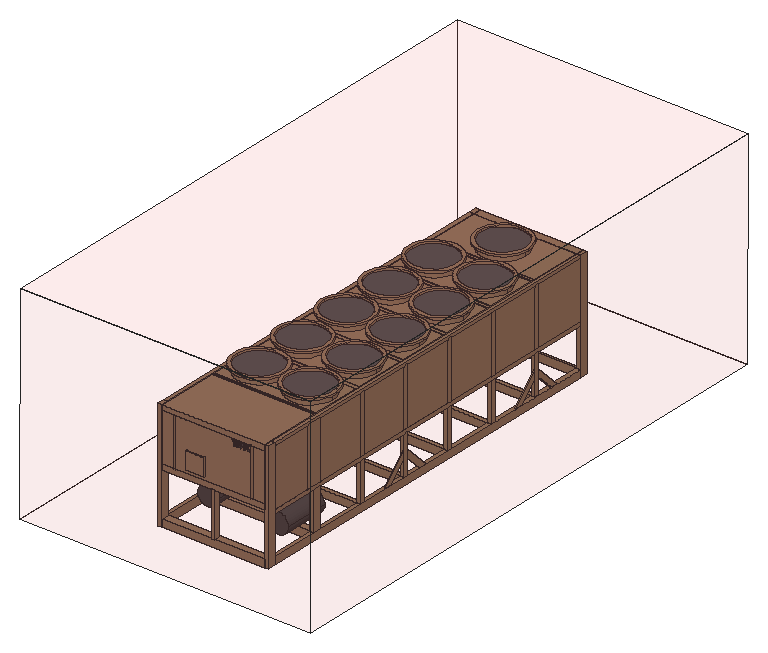
Revit family (continued)
Definition of nested family "Box_Frame-York-YCIV-6_Row"
  Dimensions and locks (in)
    aligned and locked: plane 7 "Box Right" to curve 156
    aligned and locked: Masking region 10 sketch curve to plane 13 "Middle Bar Top"
    aligned and locked: plane 14 "Middle Bar Bottom" to Masking region 10 sketch curve
    aligned and locked: Extrusion 9 sketch curve to plane 13 "Middle Bar Top"
    aligned and locked: plane 14 "Middle Bar Bottom" to Extrusion 9 sketch curve
    aligned and locked: Extrusion 9 sketch curve to plane 8 "Box Top"
    aligned and locked: plane 15 "Top Inset" to Extrusion 9 sketch curve
    aligned and locked: plane 9 "Box Inset Left" to Extrusion 9
    aligned and locked: Extrusion 9 to plane 10 "Box Inset Right"
    aligned and locked: plane 9 "Box Inset Left" to curve 160
    aligned and locked: plane 10 "Box Inset Right" to curve 160
    aligned and locked: curve 160 to plane 4 "Box Back"
    aligned and locked: plane 4 "Box Back" to Extrusion 9 sketch curve  (x2)
    aligned and locked: plane 9 "Box Inset Left" to curve 162
    aligned and locked: plane 10 "Box Inset Right" to curve 162
    aligned and locked: curve 162 to plane 4 "Box Back"
    aligned and locked: plane 9 "Box Inset Left" to curve 164
    aligned and locked: plane 10 "Box Inset Right" to curve 164
    aligned and locked: plane 10 "Box Inset Right" to curve 165
    aligned and locked: curve 164 to plane 4 "Box Back"
    aligned and locked: plane 9 "Box Inset Left" to curve 166
    aligned and locked: plane 10 "Box Inset Right" to curve 166
    aligned and locked: curve 166 to plane 4 "Box Back"
    aligned and locked: Masking region 12 sketch curve to plane 9 "Box Inset Left"
    aligned and locked: plane 10 "Box Inset Right" to Masking region 12 sketch curve
    aligned and locked: Masking region 12 sketch curve to plane 4 "Box Back"
    aligned and locked: plane 9 "Box Inset Left" to Extrusion 10 sketch curve  (x6)
    aligned and locked: plane 22 "Column Five Back" to Extrusion 10 sketch curve  (x2)
    aligned and locked: Extrusion 10 sketch curve to plane 21 "Column Five Front"  (x2)
    aligned and locked: Extrusion 10 sketch curve to plane 6 "Box Left"  (x6)
    aligned and locked: plane 24 "Column Four Back" to Extrusion 10 sketch curve  (x2)
    aligned and locked: Extrusion 10 sketch curve to plane 23 "Column Four Front"  (x2)
    aligned and locked: plane 26 "Column Three Back" to Extrusion 10 sketch curve  (x2)
    aligned and locked: Extrusion 10 sketch curve to plane 25 "Column Three Front"  (x2)
    aligned and locked: plane 27 "Column One Back" to Extrusion 10 sketch curve  (x2)
    aligned and locked: Extrusion 10 sketch curve to plane 10 "Box Inset Right"  (x6)
    aligned and locked: plane 7 "Box Right" to Extrusion 10 sketch curve  (x6)
    aligned and locked: Extrusion 10 to plane 16 "Box Bottom Inset"
    aligned and locked: plane 14 "Middle Bar Bottom" to Extrusion 10
    aligned and locked: curve 168 to plane 14 "Middle Bar Bottom"
    aligned and locked: plane 16 "Box Bottom Inset" to curve 170
    aligned and locked: curve 171 to plane 10 "Box Inset Right"
    aligned and locked: plane 7 "Box Right" to curve 169
    aligned and locked: plane 16 "Box Bottom Inset" to curve 174
    aligned and locked: curve 172 to plane 14 "Middle Bar Bottom"
    aligned and locked: plane 9 "Box Inset Left" to curve 173
    aligned and locked: curve 175 to plane 6 "Box Left"
    aligned and locked: curve 176 to plane 14 "Middle Bar Bottom"
    aligned and locked: plane 16 "Box Bottom Inset" to curve 178
    aligned and locked: curve 179 to plane 10 "Box Inset Right"
    aligned and locked: plane 7 "Box Right" to curve 177
    aligned and locked: curve 180 to plane 14 "Middle Bar Bottom"
    aligned and locked: plane 16 "Box Bottom Inset" to curve 182
    aligned and locked: curve 183 to plane 6 "Box Left"
    aligned and locked: plane 9 "Box Inset Left" to curve 181
    aligned and locked: curve 184 to plane 14 "Middle Bar Bottom"
    aligned and locked: plane 16 "Box Bottom Inset" to curve 186
    aligned and locked: curve 187 to plane 10 "Box Inset Right"
    aligned and locked: plane 7 "Box Right" to curve 185
    aligned and locked: curve 188 to plane 14 "Middle Bar Bottom"
    aligned and locked: plane 16 "Box Bottom Inset" to curve 190
    aligned and locked: curve 191 to plane 6 "Box Left"
    aligned and locked: plane 9 "Box Inset Left" to curve 189
    aligned and locked: curve 200 to plane 14 "Middle Bar Bottom"
    aligned and locked: plane 16 "Box Bottom Inset" to curve 202
    aligned and locked: curve 203 to plane 10 "Box Inset Right"
    aligned and locked: plane 7 "Box Right" to curve 201
    aligned and locked: curve 204 to plane 14 "Middle Bar Bottom"
    aligned and locked: plane 16 "Box Bottom Inset" to curve 206
    aligned and locked: plane 9 "Box Inset Left" to curve 205
    aligned and locked: curve 207 to plane 6 "Box Left"
    aligned and locked: curve 208 to plane 14 "Middle Bar Bottom"
    aligned and locked: plane 16 "Box Bottom Inset" to curve 210
    aligned and locked: curve 211 to plane 10 "Box Inset Right"
    aligned and locked: plane 7 "Box Right" to curve 209
    aligned and locked: curve 212 to plane 14 "Middle Bar Bottom"
    aligned and locked: plane 16 "Box Bottom Inset" to curve 214
    aligned and locked: curve 215 to plane 6 "Box Left"
    aligned and locked: plane 9 "Box Inset Left" to curve 213
    aligned and locked: curve 220 to plane 14 "Middle Bar Bottom"
    aligned and locked: plane 16 "Box Bottom Inset" to curve 222
    aligned and locked: curve 223 to plane 6 "Box Left"
    aligned and locked: plane 9 "Box Inset Left" to curve 221
    aligned and locked: plane 16 "Box Bottom Inset" to curve 218
    aligned and locked: curve 216 to plane 14 "Middle Bar Bottom"
    aligned and locked: curve 219 to plane 10 "Box Inset Right"
    aligned and locked: plane 7 "Box Right" to curve 217
    aligned and locked: curve 224 to plane 14 "Middle Bar Bottom"
    aligned and locked: plane 16 "Box Bottom Inset" to curve 226
    aligned and locked: curve 227 to plane 10 "Box Inset Right"
    aligned and locked: plane 7 "Box Right" to curve 225
    aligned and locked: curve 228 to plane 14 "Middle Bar Bottom"
    aligned and locked: plane 16 "Box Bottom Inset" to curve 230
    aligned and locked: plane 9 "Box Inset Left" to curve 229
    aligned and locked: curve 231 to plane 6 "Box Left"
    aligned and locked: Masking region 13 sketch curve to plane 14 "Middle Bar Bottom"  (x5)
    aligned and locked: plane 16 "Box Bottom Inset" to Masking region 13 sketch curve  (x5)
    aligned and locked: plane 22 "Column Five Back" to Masking region 13 sketch curve
    aligned and locked: Masking region 13 sketch curve to plane 21 "Column Five Front"
    aligned and locked: plane 24 "Column Four Back" to Masking region 13 sketch curve
    aligned and locked: Masking region 13 sketch curve to plane 23 "Column Four Front"
    aligned and locked: plane 26 "Column Three Back" to Masking region 13 sketch curve
    aligned and locked: Masking region 13 sketch curve to plane 25 "Column Three Front"
    aligned and locked: plane 13 "Middle Bar Top" to Extrusion 11 sketch curve  (x2)
    aligned and locked: plane 9 "Box Inset Left" to Extrusion 11 sketch curve
    aligned and locked: Extrusion 11 sketch curve to plane 6 "Box Left"
    aligned and locked: Extrusion 11 sketch curve to plane 15 "Top Inset"  (x2)
    aligned and locked: plane 7 "Box Right" to Extrusion 11 sketch curve
    aligned and locked: Extrusion 11 sketch curve to plane 10 "Box Inset Right"
    aligned and locked: plane 12 "Box Front Inset" to Extrusion 11
    aligned and locked: Masking region 14 sketch curve to plane 12 "Box Front Inset"
    aligned and locked: Masking region 14 sketch curve to plane 15 "Top Inset"
    aligned and locked: plane 13 "Middle Bar Top" to Masking region 14 sketch curve
    aligned and locked: plane 15 "Top Inset" to curve 234
    aligned and locked: plane 13 "Middle Bar Top" to curve 232
    aligned and locked: plane 13 "Middle Bar Top" to curve 234
    aligned and locked: plane 10 "Box Inset Right" to curve 232
    aligned and locked: plane 9 "Box Inset Left" to curve 234
    aligned and locked: Extrusion 12 sketch curve to plane 9 "Box Inset Left"
    aligned and locked: plane 10 "Box Inset Right" to Extrusion 12 sketch curve
    aligned and locked: Extrusion 12 to plane 17 "Column One Middle"
    aligned and locked: plane 9 "Box Inset Left" to curve 236
    aligned and locked: plane 10 "Box Inset Right" to curve 236
    aligned and locked: Extrusion 12 sketch curve to plane 8 "Box Top"
    aligned and locked: plane 17 "Column One Middle" to Masking region 15 sketch curve
    aligned and locked: Masking region 15 sketch curve to plane 9 "Box Inset Left"
    aligned and locked: plane 10 "Box Inset Right" to Masking region 15 sketch curve
    aligned and locked: Masking region 15 sketch curve to plane 36 "Panel Front"
    aligned and locked: plane 25 "Column Three Front" to Extrusion 13 sketch curve  (x2)
    aligned and locked: Extrusion 13 sketch curve to plane 26 "Column Three Back"  (x2)
    aligned and locked: plane 23 "Column Four Front" to Extrusion 13 sketch curve  (x2)
    aligned and locked: Extrusion 13 sketch curve to plane 24 "Column Four Back"  (x2)
    aligned and locked: plane 21 "Column Five Front" to Extrusion 13 sketch curve  (x2)
    aligned and locked: Extrusion 13 sketch curve to plane 22 "Column Five Back"  (x2)
    aligned and locked: Extrusion 13 sketch curve to plane 6 "Box Left"  (x6)
    aligned and locked: plane 9 "Box Inset Left" to Extrusion 13 sketch curve  (x6)
    aligned and locked: Extrusion 13 sketch curve to plane 10 "Box Inset Right"  (x6)
    aligned and locked: plane 7 "Box Right" to Extrusion 13 sketch curve  (x6)
    aligned and locked: plane 15 "Top Inset" to Extrusion 13
    aligned and locked: Extrusion 13 to plane 13 "Middle Bar Top"
    aligned and locked: Masking region 16 sketch curve to plane 15 "Top Inset"
    aligned and locked: plane 13 "Middle Bar Top" to Masking region 16 sketch curve
    aligned and locked: Extrusion 14 sketch curve to plane 6 "Box Left"  (x6)
    aligned and locked: plane 9 "Box Inset Left" to Extrusion 14 sketch curve  (x6)
    aligned and locked: plane 27 "Column One Back" to Extrusion 14 sketch curve  (x2)
    aligned and locked: Extrusion 14 sketch curve to plane 10 "Box Inset Right"  (x6)
    aligned and locked: plane 7 "Box Right" to Extrusion 14 sketch curve  (x6)
    aligned and locked: Extrusion 14 sketch curve to plane 25 "Column Three Front"  (x2)
    aligned and locked: plane 26 "Column Three Back" to Extrusion 14 sketch curve  (x2)
    aligned and locked: plane 24 "Column Four Back" to Extrusion 14 sketch curve  (x2)
    aligned and locked: Extrusion 14 sketch curve to plane 23 "Column Four Front"  (x2)
    aligned and locked: Extrusion 14 sketch curve to plane 21 "Column Five Front"  (x2)
    aligned and locked: plane 22 "Column Five Back" to Extrusion 14 sketch curve  (x2)
    aligned and locked: plane 15 "Top Inset" to Extrusion 14
    aligned and locked: Extrusion 14 to plane 13 "Middle Bar Top"
    aligned and locked: Extrusion 15 sketch curve to plane 8 "Box Top"  (x6)
    aligned and locked: Extrusion 15 sketch curve to plane 22 "Column Five Back"
    aligned and locked: plane 15 "Top Inset" to Extrusion 15 sketch curve  (x6)
    aligned and locked: plane 21 "Column Five Front" to Extrusion 15 sketch curve
    aligned and locked: Extrusion 15 sketch curve to plane 24 "Column Four Back"
    aligned and locked: plane 23 "Column Four Front" to Extrusion 15 sketch curve
    aligned and locked: Extrusion 15 sketch curve to plane 26 "Column Three Back"
    aligned and locked: plane 25 "Column Three Front" to Extrusion 15 sketch curve
    aligned and locked: plane 9 "Box Inset Left" to Extrusion 15
    aligned and locked: Extrusion 15 to plane 10 "Box Inset Right"
    aligned and locked: Extrusion 16 sketch curve to plane 8 "Box Top"  (x6)
    aligned and locked: plane 15 "Top Inset" to Extrusion 16 sketch curve  (x6)
    aligned and locked: plane 27 "Column One Back" to Extrusion 16 sketch curve
    aligned and locked: Extrusion 16 sketch curve to plane 25 "Column Three Front"
    aligned and locked: plane 26 "Column Three Back" to Extrusion 16 sketch curve
    aligned and locked: Extrusion 16 sketch curve to plane 23 "Column Four Front"
    aligned and locked: plane 24 "Column Four Back" to Extrusion 16 sketch curve
    aligned and locked: plane 22 "Column Five Back" to Extrusion 16 sketch curve
    aligned and locked: Extrusion 16 sketch curve to plane 21 "Column Five Front"
    aligned and locked: Extrusion 16 to plane 10 "Box Inset Right"
    aligned and locked: plane 9 "Box Inset Left" to Extrusion 16
    aligned and locked: Extrusion 9 sketch curve to plane 11 "Box Back Inset"  (x2)
    aligned and locked: curve 161 to plane 11 "Box Back Inset"
    aligned and locked: curve 163 to plane 11 "Box Back Inset"
    aligned and locked: curve 165 to plane 11 "Box Back Inset"
    aligned and locked: curve 167 to plane 11 "Box Back Inset"
    aligned and locked: Extrusion 16 sketch curve to plane 17 "Column One Middle"
    aligned and locked: Masking region 17 sketch curve to plane 17 "Column One Middle"
    aligned and locked: Masking region 17 sketch curve to plane 11 "Box Back Inset"
    aligned and locked: plane 10 "Box Inset Right" to Masking region 17 sketch curve
    aligned and locked: Masking region 17 sketch curve to plane 9 "Box Inset Left"
    aligned and locked: Masking region 12 to plane 11 "Box Back Inset"
    aligned and locked: plane 9 "Box Inset Left" to curve 238
    aligned and locked: plane 10 "Box Inset Right" to curve 239
    aligned and locked: plane 10 "Box Inset Right" to curve 238
    aligned and locked: plane 22 "Column Five Back" to curve 238
    aligned and locked: plane 21 "Column Five Front" to curve 239
    aligned and locked: plane 24 "Column Four Back" to curve 240
    aligned and locked: plane 23 "Column Four Front" to curve 241
    aligned and locked: plane 26 "Column Three Back" to curve 242
    aligned and locked: plane 25 "Column Three Front" to curve 243
    aligned and locked: plane 27 "Column One Back" to curve 244
    aligned and locked: Masking region 10 sketch curve to plane 16 "Box Bottom Inset"
    aligned and locked: plane 2 "Box Bottom" to Masking region 10 sketch curve
    aligned and locked: plane 12 "Box Front Inset" to curve 246
    aligned and locked: plane 12 "Box Front Inset" to curve 245
    aligned and locked: plane 11 "Box Back Inset" to curve 246
    aligned and locked: plane 11 "Box Back Inset" to curve 245
    aligned and locked: curve 246 to plane 2 "Box Bottom"
    aligned and locked: curve 245 to plane 16 "Box Bottom Inset"
    aligned and locked: plane 12 "Box Front Inset" to curve 247
    aligned and locked: plane 12 "Box Front Inset" to curve 248
    aligned and locked: plane 11 "Box Back Inset" to curve 248
    aligned and locked: plane 11 "Box Back Inset" to curve 247
    aligned and locked: curve 247 to plane 16 "Box Bottom Inset"
    aligned and locked: curve 248 to plane 2 "Box Bottom"
    aligned and locked: plane 12 "Box Front Inset" to curve 249
    aligned and locked: plane 12 "Box Front Inset" to curve 250
    aligned and locked: plane 11 "Box Back Inset" to curve 250
    aligned and locked: plane 11 "Box Back Inset" to curve 249
    aligned and locked: curve 249 to plane 16 "Box Bottom Inset"
    aligned and locked: curve 250 to plane 2 "Box Bottom"
    aligned and locked: plane 12 "Box Front Inset" to curve 251
    aligned and locked: plane 12 "Box Front Inset" to curve 252
    aligned and locked: plane 11 "Box Back Inset" to curve 252
    aligned and locked: plane 11 "Box Back Inset" to curve 251
    aligned and locked: curve 252 to plane 2 "Box Bottom"
    aligned and locked: curve 251 to plane 16 "Box Bottom Inset"
    aligned and locked: plane 9 "Box Inset Left" to curve 254
    aligned and locked: Masking region 16 sketch curve to plane 11 "Box Back Inset"
    aligned and locked: plane 15 "Top Inset" to curve 261
    aligned and locked: plane 15 "Top Inset" to curve 260
    aligned and locked: plane 15 "Top Inset" to curve 259
    aligned and locked: plane 15 "Top Inset" to curve 258
    aligned and locked: plane 15 "Top Inset" to curve 257
    aligned and locked: plane 15 "Top Inset" to curve 255
    aligned and locked: plane 15 "Top Inset" to curve 256
    aligned and locked: plane 13 "Middle Bar Top" to curve 261
    aligned and locked: plane 13 "Middle Bar Top" to curve 260
    aligned and locked: plane 13 "Middle Bar Top" to curve 259
    aligned and locked: plane 13 "Middle Bar Top" to curve 258
    aligned and locked: plane 13 "Middle Bar Top" to curve 257
    aligned and locked: plane 13 "Middle Bar Top" to curve 255
    aligned and locked: plane 13 "Middle Bar Top" to curve 256
    aligned and locked: plane 25 "Column Three Front" to curve 255
    aligned and locked: plane 26 "Column Three Back" to curve 257
    aligned and locked: plane 23 "Column Four Front" to curve 258
    aligned and locked: plane 24 "Column Four Back" to curve 259
    aligned and locked: plane 21 "Column Five Front" to curve 260
    aligned and locked: plane 22 "Column Five Back" to curve 261
    aligned and locked: Extrusion 17 sketch curve to plane 15 "Top Inset"
    aligned and locked: plane 13 "Middle Bar Top" to Extrusion 17 sketch curve
    aligned and locked: plane 11 "Box Back Inset" to Extrusion 17 sketch curve
    aligned and locked: Extrusion 17 sketch curve to plane 40 "Back Frame Inset"
    aligned and locked: plane 9 "Box Inset Left" to Extrusion 17
    aligned and locked: Extrusion 17 to plane 10 "Box Inset Right"
    aligned and locked: plane 6 "Box Left" to curve 52
    aligned and locked: plane 6 "Box Left" to curve 64
    aligned and locked: plane 2 "Box Bottom" to curve 53
    aligned and locked: plane 2 "Box Bottom" to curve 62
    aligned and locked: plane 2 "Box Bottom" to curve 56
    aligned and locked: plane 2 "Box Bottom" to curve 121
    aligned and locked: plane 2 "Box Bottom" to curve 60
    aligned and locked: plane 10 "Box Inset Right" to curve 119
    aligned and locked: plane 10 "Box Inset Right" to curve 117
    aligned and locked: plane 10 "Box Inset Right" to curve 36
    aligned and locked: plane 10 "Box Inset Right" to curve 40
    aligned and locked: plane 8 "Box Top" to curve 87
    aligned and locked: plane 8 "Box Top" to curve 146
    aligned and locked: plane 8 "Box Top" to curve 72
    aligned and locked: plane 8 "Box Top" to curve 147
    aligned and locked: plane 8 "Box Top" to curve 70
    aligned and locked: plane 8 "Box Top" to curve 78
    aligned and locked: plane 8 "Box Top" to curve 88
    aligned and locked: plane 8 "Box Top" to curve 89
    aligned and locked: plane 8 "Box Top" to curve 90
    aligned and locked: plane 2 "Box Bottom" to curve 78
    aligned and locked: plane 2 "Box Bottom" to curve 94  (x2)
    aligned and locked: plane 2 "Box Bottom" to curve 76
    aligned and locked: plane 2 "Box Bottom" to curve 82
    aligned and locked: plane 2 "Box Bottom" to curve 91
    aligned and locked: plane 2 "Box Bottom" to curve 80
    aligned and locked: plane 2 "Box Bottom" to curve 246
    aligned and locked: plane 2 "Box Bottom" to curve 74
    aligned and locked: plane 2 "Box Bottom" to curve 248
    aligned and locked: plane 2 "Box Bottom" to curve 72
    aligned and locked: plane 2 "Box Bottom" to curve 252
    aligned and locked: plane 11 "Box Back Inset" to curve 124
    aligned and locked: plane 16 "Box Bottom Inset" to curve 247
    aligned and locked: plane 16 "Box Bottom Inset" to curve 245
    aligned and locked: plane 11 "Box Back Inset" to curve 102
    aligned and locked: plane 2 "Box Bottom" to curve 95
    aligned and locked: plane 29 "Front Bar Top" to curve 17
    aligned and locked: curve 21 to plane 29 "Front Bar Top"
    aligned and locked: plane 38 "Control Panel Right" to curve 29
    aligned and locked: plane 39 "Control Panel Left" to curve 15
    aligned and locked: plane 38 "Control Panel Right" to curve 15
    aligned and locked: plane 29 "Front Bar Top" to curve 262
    aligned and locked: curve 262 to plane 39 "Control Panel Left"
    aligned and locked: plane 34 "Access Panel Left" to curve 3
    aligned and locked: plane 34 "Access Panel Left" to curve 2
    aligned and locked: plane 35 "Access Panel Right" to curve 2
    aligned and locked: plane 35 "Access Panel Right" to curve 263
    aligned and locked: plane 34 "Access Panel Left" to curve 263
    aligned and locked: plane 33 "Access Panel Top" to curve 263
    aligned and locked: plane 33 "Access Panel Top" to curve 1
    aligned and locked: plane 32 "Access Panel Bottom" to curve 1
    aligned and locked: curve 264 to Extrusion 1
    aligned and locked: plane 33 "Access Panel Top" to curve 264
    aligned and locked: plane 32 "Access Panel Bottom" to curve 264
    aligned and locked: curve 6 to plane 32 "Access Panel Bottom"
    aligned and locked: curve 6 to plane 33 "Access Panel Top"
    aligned and locked: curve 9 to plane 34 "Access Panel Left"
    aligned and locked: plane 35 "Access Panel Right" to curve 3
    aligned and locked: plane 32 "Access Panel Bottom" to curve 4
    aligned and locked: plane 33 "Access Panel Top" to curve 4
    aligned and locked: plane 2 "Box Bottom" to curve 54
    aligned and locked: plane 9 "Box Inset Left" to curve 34
    aligned and locked: plane 8 "Box Top" to curve 66
    aligned and locked: curve 66 to plane 2 "Box Bottom"
    aligned and locked: curve 52 to plane 2 "Box Bottom"
    aligned and locked: curve 52 to plane 8 "Box Top"
    aligned and locked: plane 6 "Box Left" to curve 53
    aligned and locked: plane 9 "Box Inset Left" to curve 53
    aligned and locked: plane 9 "Box Inset Left" to curve 36
    aligned and locked: plane 9 "Box Inset Left" to curve 38
    aligned and locked: plane 10 "Box Inset Right" to curve 34
    aligned and locked: plane 10 "Box Inset Right" to curve 38
    aligned and locked: plane 12 "Box Front Inset" to curve 97
    aligned and locked: plane 9 "Box Inset Left" to curve 65
    aligned and locked: plane 6 "Box Left" to curve 63
    aligned and locked: plane 9 "Box Inset Left" to curve 63
    aligned and locked: curve 64 to plane 2 "Box Bottom"
    aligned and locked: curve 64 to plane 8 "Box Top"
    aligned and locked: plane 8 "Box Top" to curve 58
    aligned and locked: plane 8 "Box Top" to curve 56
    aligned and locked: plane 8 "Box Top" to curve 60
    aligned and locked: plane 8 "Box Top" to curve 62
    aligned and locked: plane 7 "Box Right" to curve 55
    aligned and locked: plane 7 "Box Right" to curve 59
    aligned and locked: plane 10 "Box Inset Right" to curve 55
    aligned and locked: plane 10 "Box Inset Right" to curve 59
    aligned and locked: plane 2 "Box Bottom" to curve 57
    aligned and locked: plane 7 "Box Right" to curve 57
    aligned and locked: plane 10 "Box Inset Right" to curve 57
    aligned and locked: plane 7 "Box Right" to curve 61
    aligned and locked: plane 10 "Box Inset Right" to curve 61
    aligned and locked: plane 9 "Box Inset Left" to curve 143
    aligned and locked: plane 10 "Box Inset Right" to curve 143
    aligned and locked: plane 9 "Box Inset Left" to curve 121
    aligned and locked: plane 10 "Box Inset Right" to curve 121
    aligned and locked: plane 9 "Box Inset Left" to curve 119
    aligned and locked: curve 58 to plane 2 "Box Bottom"
    aligned and locked: plane 29 "Front Bar Top" to curve 46
    aligned and locked: plane 11 "Box Back Inset" to curve 146
    aligned and locked: plane 10 "Box Inset Right" to curve 141
    aligned and locked: plane 10 "Box Inset Right" to curve 139
    aligned and locked: plane 10 "Box Inset Right" to curve 133
    aligned and locked: plane 10 "Box Inset Right" to curve 131
    aligned and locked: plane 10 "Box Inset Right" to curve 129
    aligned and locked: plane 10 "Box Inset Right" to curve 137
    aligned and locked: plane 10 "Box Inset Right" to curve 125
    aligned and locked: plane 10 "Box Inset Right" to curve 127
    aligned and locked: plane 10 "Box Inset Right" to curve 135
    aligned and locked: plane 10 "Box Inset Right" to curve 123
    aligned and locked: plane 10 "Box Inset Right" to curve 111
    aligned and locked: plane 10 "Box Inset Right" to curve 115
    aligned and locked: plane 10 "Box Inset Right" to curve 109
    aligned and locked: plane 10 "Box Inset Right" to curve 103
    aligned and locked: plane 10 "Box Inset Right" to curve 101
    aligned and locked: plane 10 "Box Inset Right" to curve 105
    aligned and locked: plane 10 "Box Inset Right" to curve 113
    aligned and locked: plane 10 "Box Inset Right" to curve 107
    aligned and locked: plane 9 "Box Inset Left" to curve 141
    aligned and locked: plane 9 "Box Inset Left" to curve 139
    aligned and locked: plane 9 "Box Inset Left" to curve 129
    aligned and locked: plane 9 "Box Inset Left" to curve 131
    aligned and locked: plane 9 "Box Inset Left" to curve 127
    aligned and locked: plane 9 "Box Inset Left" to curve 133
    aligned and locked: plane 9 "Box Inset Left" to curve 125
    aligned and locked: plane 9 "Box Inset Left" to curve 135
    aligned and locked: plane 9 "Box Inset Left" to curve 123
    aligned and locked: plane 9 "Box Inset Left" to curve 137
    aligned and locked: plane 9 "Box Inset Left" to curve 115
    aligned and locked: plane 9 "Box Inset Left" to curve 107
    aligned and locked: plane 9 "Box Inset Left" to curve 113
    aligned and locked: plane 9 "Box Inset Left" to curve 109
    aligned and locked: plane 9 "Box Inset Left" to curve 103
    aligned and locked: plane 9 "Box Inset Left" to curve 101
    aligned and locked: plane 9 "Box Inset Left" to curve 117
    aligned and locked: plane 9 "Box Inset Left" to curve 111
    aligned and locked: plane 9 "Box Inset Left" to curve 105
    aligned and locked: plane 9 "Box Inset Left" to curve 99
    aligned and locked: plane 8 "Box Top" to curve 74
    aligned and locked: plane 8 "Box Top" to curve 68
    aligned and locked: plane 8 "Box Top" to curve 80
    aligned and locked: plane 8 "Box Top" to curve 82
    aligned and locked: plane 2 "Box Bottom" to curve 68
    aligned and locked: plane 2 "Box Bottom" to curve 70
    aligned and locked: plane 14 "Middle Bar Bottom" to curve 173
    aligned and locked: plane 14 "Middle Bar Bottom" to curve 175
    aligned and locked: plane 14 "Middle Bar Bottom" to curve 169
    aligned and locked: plane 14 "Middle Bar Bottom" to curve 177
    aligned and locked: plane 14 "Middle Bar Bottom" to curve 171
    aligned and locked: plane 14 "Middle Bar Bottom" to curve 179
    aligned and locked: plane 14 "Middle Bar Bottom" to curve 181
    aligned and locked: plane 14 "Middle Bar Bottom" to curve 183
    aligned and locked: plane 14 "Middle Bar Bottom" to curve 201
    aligned and locked: plane 14 "Middle Bar Bottom" to curve 203
    aligned and locked: plane 14 "Middle Bar Bottom" to curve 205
    aligned and locked: plane 14 "Middle Bar Bottom" to curve 207
    aligned and locked: plane 14 "Middle Bar Bottom" to curve 213
    aligned and locked: plane 14 "Middle Bar Bottom" to curve 209
    aligned and locked: plane 14 "Middle Bar Bottom" to curve 215
    aligned and locked: plane 14 "Middle Bar Bottom" to curve 211
    aligned and locked: plane 14 "Middle Bar Bottom" to curve 217
    aligned and locked: plane 14 "Middle Bar Bottom" to curve 219
    aligned and locked: plane 14 "Middle Bar Bottom" to curve 221
    aligned and locked: plane 14 "Middle Bar Bottom" to curve 223
    aligned and locked: plane 14 "Middle Bar Bottom" to curve 227
    aligned and locked: plane 14 "Middle Bar Bottom" to curve 225
    aligned and locked: plane 14 "Middle Bar Bottom" to curve 231
    aligned and locked: plane 14 "Middle Bar Bottom" to curve 229
    aligned and locked: plane 14 "Middle Bar Bottom" to curve 191
    aligned and locked: plane 14 "Middle Bar Bottom" to curve 189
    aligned and locked: plane 14 "Middle Bar Bottom" to curve 185
    aligned and locked: plane 14 "Middle Bar Bottom" to curve 187
    aligned and locked: plane 14 "Middle Bar Bottom" to curve 193
    aligned and locked: plane 14 "Middle Bar Bottom" to curve 195
    aligned and locked: plane 14 "Middle Bar Bottom" to curve 197
    aligned and locked: plane 14 "Middle Bar Bottom" to curve 199
    aligned and locked: plane 16 "Box Bottom Inset" to curve 195
    aligned and locked: plane 16 "Box Bottom Inset" to curve 197
    aligned and locked: plane 16 "Box Bottom Inset" to curve 193
    aligned and locked: plane 16 "Box Bottom Inset" to curve 199
    aligned and locked: plane 16 "Box Bottom Inset" to curve 187
    aligned and locked: plane 16 "Box Bottom Inset" to curve 189
    aligned and locked: plane 16 "Box Bottom Inset" to curve 185
    aligned and locked: plane 16 "Box Bottom Inset" to curve 191
    aligned and locked: plane 16 "Box Bottom Inset" to curve 225
    aligned and locked: plane 16 "Box Bottom Inset" to curve 229
    aligned and locked: plane 16 "Box Bottom Inset" to curve 227
    aligned and locked: plane 16 "Box Bottom Inset" to curve 231
    aligned and locked: plane 16 "Box Bottom Inset" to curve 219
    aligned and locked: plane 16 "Box Bottom Inset" to curve 221
    aligned and locked: plane 16 "Box Bottom Inset" to curve 217
    aligned and locked: plane 16 "Box Bottom Inset" to curve 223
    aligned and locked: plane 16 "Box Bottom Inset" to curve 209
    aligned and locked: plane 16 "Box Bottom Inset" to curve 213
    aligned and locked: plane 16 "Box Bottom Inset" to curve 211
    aligned and locked: plane 16 "Box Bottom Inset" to curve 215
    aligned and locked: plane 16 "Box Bottom Inset" to curve 203
    aligned and locked: plane 16 "Box Bottom Inset" to curve 201
    aligned and locked: plane 16 "Box Bottom Inset" to curve 205
    aligned and locked: plane 16 "Box Bottom Inset" to curve 207
    aligned and locked: plane 16 "Box Bottom Inset" to curve 175
    aligned and locked: plane 16 "Box Bottom Inset" to curve 177
    aligned and locked: plane 16 "Box Bottom Inset" to curve 171
    aligned and locked: plane 16 "Box Bottom Inset" to curve 181
    aligned and locked: plane 16 "Box Bottom Inset" to curve 179
    aligned and locked: plane 16 "Box Bottom Inset" to curve 169
    aligned and locked: plane 16 "Box Bottom Inset" to curve 173
    aligned and locked: plane 16 "Box Bottom Inset" to curve 183
    aligned and locked: plane 5 "Box Front" to Extrusion 12
    aligned and locked: plane 41 "Bar Left of Control Panel" to Extrusion 18 sketch curve
    aligned and locked: Extrusion 18 sketch curve to plane 42 "Bar Right of Control Panel"
    aligned and locked: plane 29 "Front Bar Top" to Extrusion 18 sketch curve  (x2)
    aligned and locked: Extrusion 18 sketch curve to plane 9 "Box Inset Left"
    aligned and locked: plane 10 "Box Inset Right" to Extrusion 18 sketch curve
    aligned and locked: Extrusion 18 to plane 36 "Panel Front"
    aligned and locked: plane 5 "Box Front" to Extrusion 18
    aligned and locked: plane 36 "Panel Front" to Extrusion 19 sketch curve
    aligned and locked: Extrusion 19 sketch curve to plane 5 "Box Front"
    aligned and locked: Extrusion 19 sketch curve to plane 43 "Front Bar Left"
    aligned and locked: plane 44 "Front Bar Right" to Extrusion 19 sketch curve
    aligned and locked: plane 30 "Front Bar Bottom" to Extrusion 19
    aligned and locked: Extrusion 19 to plane 16 "Box Bottom Inset"
    aligned and locked: Extrusion 6 sketch curve to plane 5 "Box Front"
    aligned and locked: plane 9 "Box Inset Left" to curve 266
    aligned and locked: plane 10 "Box Inset Right" to curve 266
    aligned and locked: plane 5 "Box Front" to curve 266
    aligned and locked: plane 48 "Angle Support Two Front" to Extrusion 20 sketch curve
    aligned and locked: plane 46 "Angle Support Top" to Extrusion 20 sketch curve  (x4)
    aligned and locked: plane 26 "Column Three Back" to Extrusion 20 sketch curve  (x2)
    aligned and locked: Extrusion 20 sketch curve to plane 16 "Box Bottom Inset"  (x4)
    aligned and locked: plane 49 "Angle Support Two Back" to Extrusion 20 sketch curve
    aligned and locked: plane 47 "Angle Support Inside Bottom" to Extrusion 20 sketch curve  (x4)
    aligned and locked: plane 16 "Box Bottom Inset" to Extrusion 20 sketch curve  (x4)
    aligned and locked: plane 50 "Angle Support One Back" to Extrusion 20 sketch curve
    aligned and locked: plane 25 "Column Three Front" to Extrusion 20 sketch curve  (x2)
    aligned and locked: plane 51 "Angle Support One Front" to Extrusion 20 sketch curve
    aligned and locked: Extrusion 20 to plane 7 "Box Right"
    aligned and locked: plane 52 "Angle Support Right" to Extrusion 20
    aligned and locked: plane 47 "Angle Support Inside Bottom" to Extrusion 21 sketch curve  (x4)
    aligned and locked: plane 46 "Angle Support Top" to Extrusion 21 sketch curve  (x4)
    aligned and locked: plane 48 "Angle Support Two Front" to Extrusion 21 sketch curve
    aligned and locked: Extrusion 21 sketch curve to plane 26 "Column Three Back"
    aligned and locked: Extrusion 21 sketch curve to plane 16 "Box Bottom Inset"  (x4)
    aligned and locked: plane 25 "Column Three Front" to Extrusion 21 sketch curve  (x2)
    aligned and locked: plane 50 "Angle Support One Back" to Extrusion 21 sketch curve
    aligned and locked: plane 51 "Angle Support One Front" to Extrusion 21 sketch curve
    aligned and locked: plane 16 "Box Bottom Inset" to Extrusion 21 sketch curve  (x4)
    aligned and locked: plane 26 "Column Three Back" to Extrusion 21 sketch curve
    aligned and locked: plane 49 "Angle Support Two Back" to Extrusion 21 sketch curve
    aligned and locked: plane 6 "Box Left" to Extrusion 21
    aligned and locked: Extrusion 21 to plane 53 "Angle Support Left"
    aligned and locked: plane 33 "Access Panel Top" to Extrusion 1
    aligned and locked: Extrusion 1 to plane 32 "Access Panel Bottom"
    aligned and locked: Extrusion 10 sketch curve to plane 54 "Column One Front"  (x2)
    aligned and locked: Extrusion 11 to plane 28 "Top Column Front"
    aligned and locked: Extrusion 14 sketch curve to plane 28 "Top Column Front"  (x2)
    aligned and locked: Extrusion 2 sketch curve to plane 55 "Top Front Inset"
    aligned and locked: Extrusion 18 sketch curve to plane 55 "Top Front Inset"  (x2)
    aligned and locked: plane 55 "Top Front Inset" to Extrusion 12 sketch curve
    aligned and locked: curve 253 to plane 55 "Top Front Inset"
    aligned and locked: curve 26 to plane 55 "Top Front Inset"
    aligned and locked: curve 121 to plane 5 "Box Front"
    aligned and locked: Masking region 5 sketch curve to plane 8 "Box Top"
    aligned and locked: plane 55 "Top Front Inset" to Extrusion 4
    aligned and locked: plane 10 "Box Inset Right" to curve 267
    aligned and locked: curve 267 to plane 55 "Top Front Inset"
    aligned and locked: plane 42 "Bar Right of Control Panel" to curve 269
    aligned and locked: plane 41 "Bar Left of Control Panel" to curve 268
    aligned and locked: plane 28 "Top Column Front" to curve 256
    aligned and locked: Masking region 16 sketch curve to plane 27 "Column One Back"
    aligned and locked: plane 27 "Column One Back" to Masking region 14 sketch curve
    aligned and locked: plane 16 "Box Bottom Inset" to Masking region 18 sketch curve
    aligned and locked: Masking region 18 sketch curve to plane 14 "Middle Bar Bottom"
    aligned and locked: Masking region 18 sketch curve to plane 12 "Box Front Inset"
    aligned and locked: plane 45 "Side Framing Extra" to Masking region 18 sketch curve
    aligned and locked: plane 47 "Angle Support Inside Bottom" to Masking region 19 sketch curve  (x4)
    aligned and locked: plane 46 "Angle Support Top" to Masking region 19 sketch curve  (x4)
    aligned and locked: plane 26 "Column Three Back" to Masking region 19 sketch curve  (x2)
    aligned and locked: plane 25 "Column Three Front" to Masking region 19 sketch curve  (x2)
    aligned and locked: plane 50 "Angle Support One Back" to Masking region 19 sketch curve
    aligned and locked: plane 51 "Angle Support One Front" to Masking region 19 sketch curve
    aligned and locked: Masking region 19 sketch curve to plane 16 "Box Bottom Inset"  (x3)
    aligned and locked: plane 16 "Box Bottom Inset" to Masking region 19 sketch curve  (x5)
    aligned and locked: plane 49 "Angle Support Two Back" to Masking region 19 sketch curve
    aligned and locked: plane 48 "Angle Support Two Front" to Masking region 19 sketch curve
    aligned and locked: Extrusion 6 sketch curve to plane 54 "Column One Front"
    aligned and locked: curve 141 to plane 54 "Column One Front"
    aligned and locked: curve 117 to plane 54 "Column One Front"
    aligned and locked: curve 18 to plane 55 "Top Front Inset"
    aligned and locked: plane 30 "Front Bar Bottom" to curve 270
    aligned and locked: plane 16 "Box Bottom Inset" to curve 271
    aligned and locked: plane 16 "Box Bottom Inset" to curve 270
    aligned and locked: plane 44 "Front Bar Right" to curve 271
    aligned and locked: plane 43 "Front Bar Left" to curve 270
    aligned and locked: plane 5 "Box Front" to curve 273
    aligned and locked: plane 5 "Box Front" to curve 272
    aligned and locked: plane 12 "Box Front Inset" to curve 273
    aligned and locked: plane 12 "Box Front Inset" to curve 272
    aligned and locked: curve 272 to plane 30 "Front Bar Bottom"
    aligned and locked: curve 273 to plane 30 "Front Bar Bottom"
    aligned and locked: plane 15 "Top Inset" to curve 237
    aligned and locked: plane 55 "Top Front Inset" to curve 274
    aligned and locked: plane 29 "Front Bar Top" to curve 274
    aligned and locked: plane 42 "Bar Right of Control Panel" to curve 275
    aligned and locked: plane 41 "Bar Left of Control Panel" to curve 274
    aligned and locked: plane 5 "Box Front" to curve 278
    aligned and locked: plane 5 "Box Front" to curve 280
    aligned and locked: plane 36 "Panel Front" to curve 278
    aligned and locked: plane 36 "Panel Front" to curve 280
    aligned and locked: curve 278 to plane 55 "Top Front Inset"
    aligned and locked: curve 280 to plane 55 "Top Front Inset"
    aligned and locked: plane 5 "Box Front" to curve 281
    aligned and locked: plane 5 "Box Front" to curve 279
    aligned and locked: plane 36 "Panel Front" to curve 281
    aligned and locked: plane 36 "Panel Front" to curve 279
    aligned and locked: curve 281 to plane 29 "Front Bar Top"
    aligned and locked: curve 279 to plane 29 "Front Bar Top"
    aligned and locked: plane 61 "Angle Support Four Front" to Masking region 19 sketch curve
    aligned and locked: plane 62 "Angle Support Four Back" to Masking region 19 sketch curve
    aligned and locked: plane 58 "Column Six Back" to Masking region 19 sketch curve  (x2)
    aligned and locked: plane 57 "Column Six Front" to Masking region 19 sketch curve  (x2)
    aligned and locked: plane 59 "Angle Support Three Back" to Masking region 19 sketch curve
    aligned and locked: plane 60 "Angle Support Three Front" to Masking region 19 sketch curve
    aligned and locked: plane 60 "Angle Support Three Front" to Extrusion 20 sketch curve
    aligned and locked: plane 61 "Angle Support Four Front" to Extrusion 20 sketch curve
    aligned and locked: plane 62 "Angle Support Four Back" to Extrusion 20 sketch curve
    aligned and locked: Extrusion 20 sketch curve to plane 58 "Column Six Back"
    aligned and locked: plane 57 "Column Six Front" to Extrusion 20 sketch curve  (x2)
    aligned and locked: plane 59 "Angle Support Three Back" to Extrusion 20 sketch curve
    aligned and locked: plane 58 "Column Six Back" to Extrusion 20 sketch curve
    aligned and locked: Extrusion 21 sketch curve to plane 58 "Column Six Back"
    aligned and locked: Extrusion 21 sketch curve to plane 57 "Column Six Front"
    aligned and locked: plane 61 "Angle Support Four Front" to Extrusion 21 sketch curve
    aligned and locked: plane 62 "Angle Support Four Back" to Extrusion 21 sketch curve
    aligned and locked: plane 57 "Column Six Front" to Extrusion 21 sketch curve
    aligned and locked: plane 58 "Column Six Back" to Extrusion 21 sketch curve
    aligned and locked: plane 59 "Angle Support Three Back" to Extrusion 21 sketch curve
    aligned and locked: plane 60 "Angle Support Three Front" to Extrusion 21 sketch curve
    aligned and locked: Extrusion 6 sketch curve to plane 57 "Column Six Front"
    aligned and locked: plane 58 "Column Six Back" to Extrusion 6 sketch curve
    aligned and locked: plane 58 "Column Six Back" to Extrusion 10 sketch curve  (x2)
    aligned and locked: Extrusion 10 sketch curve to plane 57 "Column Six Front"  (x2)
    aligned and locked: plane 57 "Column Six Front" to Extrusion 13 sketch curve  (x2)
    aligned and locked: Extrusion 13 sketch curve to plane 11 "Box Back Inset"  (x2)
    aligned and locked: Extrusion 13 sketch curve to plane 58 "Column Six Back"  (x2)
    aligned and locked: plane 57 "Column Six Front" to Extrusion 15 sketch curve
    aligned and locked: Extrusion 15 sketch curve to plane 58 "Column Six Back"
    aligned and locked: Extrusion 15 sketch curve to plane 11 "Box Back Inset"
    aligned and locked: Extrusion 16 sketch curve to plane 57 "Column Six Front"
    aligned and locked: plane 58 "Column Six Back" to Extrusion 16 sketch curve
    aligned and locked: Extrusion 14 sketch curve to plane 57 "Column Six Front"  (x2)
    aligned and locked: plane 58 "Column Six Back" to Extrusion 14 sketch curve  (x2)
    aligned and locked: curve 283 to plane 57 "Column Six Front"
    aligned and locked: Extrusion 16 to plane 58 "Column Six Back"
    aligned and locked: plane 15 "Top Inset" to curve 284
    aligned and locked: plane 15 "Top Inset" to curve 285
    aligned and locked: plane 13 "Middle Bar Top" to curve 284
    aligned and locked: plane 13 "Middle Bar Top" to curve 285
    aligned and locked: plane 58 "Column Six Back" to curve 284
    aligned and locked: plane 57 "Column Six Front" to curve 285
    aligned and locked: plane 58 "Column Six Back" to Masking region 13 sketch curve
    aligned and locked: Masking region 13 sketch curve to plane 57 "Column Six Front"
    aligned and locked: plane 10 "Box Inset Right" to curve 301
    aligned and locked: plane 10 "Box Inset Right" to curve 293
    aligned and locked: plane 9 "Box Inset Left" to curve 301
    aligned and locked: plane 9 "Box Inset Left" to curve 293
    aligned and locked: curve 293 to plane 2 "Box Bottom"
    aligned and locked: curve 301 to plane 2 "Box Bottom"
    aligned and locked: plane 7 "Box Right" to curve 289
    aligned and locked: plane 7 "Box Right" to curve 300
    aligned and locked: plane 6 "Box Left" to curve 289
    aligned and locked: plane 6 "Box Left" to curve 300
    aligned and locked: curve 289 to plane 16 "Box Bottom Inset"
    aligned and locked: curve 300 to plane 16 "Box Bottom Inset"
    aligned and locked: plane 7 "Box Right" to curve 294
    aligned and locked: plane 7 "Box Right" to curve 288
    aligned and locked: curve 288 to plane 14 "Middle Bar Bottom"
    aligned and locked: curve 294 to plane 14 "Middle Bar Bottom"
    aligned and locked: plane 9 "Box Inset Left" to curve 295
    aligned and locked: plane 9 "Box Inset Left" to curve 290
    aligned and locked: curve 290 to plane 14 "Middle Bar Bottom"
    aligned and locked: curve 295 to plane 14 "Middle Bar Bottom"
    aligned and locked: plane 14 "Middle Bar Bottom" to curve 296
    aligned and locked: plane 14 "Middle Bar Bottom" to curve 291
    aligned and locked: plane 14 "Middle Bar Bottom" to curve 287
    aligned and locked: plane 14 "Middle Bar Bottom" to curve 298
    aligned and locked: plane 16 "Box Bottom Inset" to curve 298
    aligned and locked: curve 287 to plane 10 "Box Inset Right"
    aligned and locked: curve 298 to plane 10 "Box Inset Right"
    aligned and locked: curve 291 to plane 6 "Box Left"
    aligned and locked: curve 296 to plane 6 "Box Left"
    aligned and locked: plane 16 "Box Bottom Inset" to curve 291
    aligned and locked: plane 65 "Column Two Back" to Masking region 13 sketch curve
    aligned and locked: Masking region 13 sketch curve to plane 64 "Column Two Front"
    aligned and locked: plane 15 "Top Inset" to curve 302
    aligned and locked: plane 15 "Top Inset" to curve 303
    aligned and locked: plane 13 "Middle Bar Top" to curve 302
    aligned and locked: plane 13 "Middle Bar Top" to curve 303
    aligned and locked: plane 65 "Column Two Back" to curve 302
    aligned and locked: plane 64 "Column Two Front" to curve 303
    aligned and locked: plane 9 "Box Inset Left" to curve 305
    aligned and locked: plane 64 "Column Two Front" to curve 304
    aligned and locked: plane 65 "Column Two Back" to curve 305
    aligned and locked: Extrusion 15 sketch curve to plane 65 "Column Two Back"
    aligned and locked: Extrusion 15 sketch curve to plane 27 "Column One Back"
    aligned and locked: plane 64 "Column Two Front" to Extrusion 15 sketch curve
    aligned and locked: Extrusion 16 sketch curve to plane 64 "Column Two Front"
    aligned and locked: plane 65 "Column Two Back" to Extrusion 16 sketch curve
    aligned and locked: Extrusion 13 sketch curve to plane 65 "Column Two Back"  (x2)
    aligned and locked: plane 64 "Column Two Front" to Extrusion 13 sketch curve  (x2)
    aligned and locked: Extrusion 13 sketch curve to plane 27 "Column One Back"  (x2)
    aligned and locked: plane 65 "Column Two Back" to Extrusion 14 sketch curve  (x2)
    aligned and locked: Extrusion 14 sketch curve to plane 64 "Column Two Front"  (x2)
    aligned and locked: plane 65 "Column Two Back" to Extrusion 6 sketch curve
    aligned and locked: Extrusion 6 sketch curve to plane 64 "Column Two Front"
    aligned and locked: plane 65 "Column Two Back" to Extrusion 10 sketch curve  (x2)
    aligned and locked: Extrusion 10 sketch curve to plane 64 "Column Two Front"  (x2)
    aligned and locked: plane 10 "Box Inset Right" to curve 308
    aligned and locked: plane 10 "Box Inset Right" to curve 317
    aligned and locked: plane 7 "Box Right" to curve 317
    aligned and locked: curve 308 to plane 14 "Middle Bar Bottom"
    aligned and locked: curve 317 to plane 14 "Middle Bar Bottom"
    aligned and locked: plane 14 "Middle Bar Bottom" to curve 307
    aligned and locked: plane 14 "Middle Bar Bottom" to curve 319
    aligned and locked: plane 16 "Box Bottom Inset" to curve 307
    aligned and locked: plane 10 "Box Inset Right" to curve 307
    aligned and locked: curve 306 to plane 7 "Box Right"
    aligned and locked: plane 7 "Box Right" to curve 312
    aligned and locked: plane 7 "Box Right" to curve 315
    aligned and locked: plane 6 "Box Left" to curve 312
    aligned and locked: plane 6 "Box Left" to curve 315
    aligned and locked: curve 315 to plane 16 "Box Bottom Inset"
    aligned and locked: plane 9 "Box Inset Left" to curve 314
    aligned and locked: plane 9 "Box Inset Left" to curve 313
    aligned and locked: plane 10 "Box Inset Right" to curve 314
    aligned and locked: plane 10 "Box Inset Right" to curve 313
    aligned and locked: curve 313 to plane 2 "Box Bottom"
    aligned and locked: curve 314 to plane 2 "Box Bottom"
    aligned and locked: plane 6 "Box Left" to curve 316
    aligned and locked: plane 6 "Box Left" to curve 309
    aligned and locked: plane 9 "Box Inset Left" to curve 316
    aligned and locked: plane 9 "Box Inset Left" to curve 309
    aligned and locked: curve 309 to plane 14 "Middle Bar Bottom"
    aligned and locked: curve 316 to plane 14 "Middle Bar Bottom"
    aligned and locked: plane 14 "Middle Bar Bottom" to curve 310
    aligned and locked: plane 14 "Middle Bar Bottom" to curve 321
    aligned and locked: plane 16 "Box Bottom Inset" to curve 320
    aligned and locked: plane 16 "Box Bottom Inset" to curve 311
    aligned and locked: Masking region 20 sketch curve to plane 4 "Box Back"
    aligned and locked: plane 7 "Box Right" to Masking region 20 sketch curve
    aligned and locked: Masking region 20 sketch curve to plane 6 "Box Left"
    aligned and locked: Masking region 20 sketch curve to plane 5 "Box Front"
    aligned and locked: Masking region 21 sketch curve to plane 30 "Front Bar Bottom"
    aligned and locked: plane 16 "Box Bottom Inset" to Masking region 21 sketch curve
    aligned and locked: plane 44 "Front Bar Right" to Masking region 21 sketch curve
    aligned and locked: Masking region 21 sketch curve to plane 43 "Front Bar Left"
    aligned and locked: Extrusion 22 sketch curve to plane 30 "Front Bar Bottom"  (x2)
    aligned and locked: plane 16 "Box Bottom Inset" to Extrusion 22 sketch curve  (x2)
    aligned and locked: plane 43 "Front Bar Left" to Extrusion 22 sketch curve
    aligned and locked: Extrusion 22 sketch curve to plane 9 "Box Inset Left"
    aligned and locked: Extrusion 22 sketch curve to plane 44 "Front Bar Right"
    aligned and locked: plane 10 "Box Inset Right" to Extrusion 22 sketch curve
    aligned and locked: Extrusion 22 to plane 12 "Box Front Inset"
    aligned and locked: plane 5 "Box Front" to Extrusion 22
    aligned and locked: Masking region 22 sketch curve to plane 30 "Front Bar Bottom"  (x2)
    aligned and locked: plane 16 "Box Bottom Inset" to Masking region 22 sketch curve  (x2)
    aligned and locked: Masking region 22 sketch curve to plane 44 "Front Bar Right"
    aligned and locked: plane 43 "Front Bar Left" to Masking region 22 sketch curve
    aligned and locked: Masking region 22 sketch curve to plane 9 "Box Inset Left"
    aligned and locked: plane 10 "Box Inset Right" to Masking region 22 sketch curve
    aligned and locked: Extrusion 23 sketch curve to plane 14 "Middle Bar Bottom"  (x2)
    aligned and locked: plane 16 "Box Bottom Inset" to Extrusion 23 sketch curve  (x2)
    aligned and locked: plane 45 "Side Framing Extra" to Extrusion 23 sketch curve
    aligned and locked: Extrusion 23 sketch curve to plane 27 "Column One Back"
    aligned and locked: plane 54 "Column One Front" to Extrusion 23 sketch curve
    aligned and locked: Extrusion 23 sketch curve to plane 12 "Box Front Inset"
    aligned and locked: Masking region 23 sketch curve to plane 14 "Middle Bar Bottom"
    aligned and locked: plane 16 "Box Bottom Inset" to Masking region 23 sketch curve
    aligned and locked: plane 27 "Column One Back" to Masking region 23 sketch curve
    aligned and locked: Masking region 23 sketch curve to plane 54 "Column One Front"
    aligned and locked: plane 10 "Box Inset Right" to Extrusion 23
    aligned and locked: Extrusion 23 to plane 7 "Box Right"
    aligned and locked: Extrusion 24 sketch curve to plane 14 "Middle Bar Bottom"  (x2)
    aligned and locked: plane 16 "Box Bottom Inset" to Extrusion 24 sketch curve
    aligned and locked: plane 45 "Side Framing Extra" to Extrusion 24 sketch curve
    aligned and locked: Extrusion 24 sketch curve to plane 27 "Column One Back"
    aligned and locked: plane 54 "Column One Front" to Extrusion 24 sketch curve
    aligned and locked: Extrusion 24 sketch curve to plane 12 "Box Front Inset"
    aligned and locked: Extrusion 24 sketch curve to plane 16 "Box Bottom Inset"
    aligned and locked: plane 6 "Box Left" to Extrusion 24
    aligned and locked: Extrusion 24 to plane 9 "Box Inset Left"
  Automatic sketch dimensions
    curve 60 to plane 10 "Box Inset Right" = 0"
    curve 62 to plane 8 "Box Top" = 0"
    curve 254 to plane 15 "Top Inset" = 0"
    curve 91 to plane 6 "Box Left" = 0"
    curve 98 to plane 6 "Box Left" = 0"
    curve 92 to plane 9 "Box Inset Left" = 0"
    curve 95 to plane 7 "Box Right" = 0"
    curve 94 to plane 7 "Box Right" = 0"
    curve 102 to plane 11 "Box Back Inset" = 0"
    Extrusion 1 sketch curve to plane 33 "Access Panel Top" = 0"
    Extrusion 1 sketch curve to plane 32 "Access Panel Bottom" = 0"
    curve 7 to plane 5 "Box Front" = 0"
    curve 8 to plane 5 "Box Front" = 0"
    curve 8 to plane 37 "Access Panel Front" = 0"
    curve 7 to plane 37 "Access Panel Front" = 0"
    curve 10 to plane 35 "Access Panel Right" = 0"
    curve 9 to plane 5 "Box Front" = 0"
    curve 10 to plane 5 "Box Front" = 0"
    curve 10 to plane 37 "Access Panel Front" = 0"
    curve 9 to plane 37 "Access Panel Front" = 0"
    curve 277 to plane 42 "Bar Right of Control Panel" = 0"
    curve 276 to plane 41 "Bar Left of Control Panel" = 0"
    curve 46 to plane 8 "Box Top" = 0"
    curve 276 to plane 55 "Top Front Inset" = 0"
    curve 277 to plane 55 "Top Front Inset" = 0"
    curve 49 to plane 12 "Box Front Inset" = 0"
    curve 50 to plane 12 "Box Front Inset" = 0"
    curve 22 to plane 36 "Panel Front" = 0"
    curve 23 to plane 36 "Panel Front" = 0"
    curve 49 to plane 36 "Panel Front" = 0"
    curve 43 to plane 36 "Panel Front" = 0"
    curve 23 to plane 5 "Box Front" = 0"
    curve 42 to plane 5 "Box Front" = 0"
    curve 43 to plane 5 "Box Front" = 0"
    curve 22 to plane 5 "Box Front" = 0"
    curve 44 to plane 36 "Panel Front" = 0"
    curve 45 to plane 36 "Panel Front" = 0"
    curve 45 to plane 5 "Box Front" = 0"
    curve 44 to plane 5 "Box Front" = 0"
    Extrusion 4 sketch curve to plane 55 "Top Front Inset" = 0"
    Extrusion 5 sketch curve to plane 4 "Box Back" = 0"
    curve 143 to plane 10 "Box Inset Right" = 0"
    curve 125 to plane 11 "Box Back Inset" = 0"
    curve 143 to plane 12 "Box Front Inset" = 0"
    Masking region 12 sketch curve to plane 11 "Box Back Inset" = 0"
    curve 233 to plane 7 "Box Right" = 0"
    curve 235 to plane 6 "Box Left" = 0"
    curve 235 to plane 15 "Top Inset" = 0"
    curve 233 to plane 15 "Top Inset" = 0"
    curve 235 to plane 13 "Middle Bar Top" = 0"
    curve 233 to plane 13 "Middle Bar Top" = 0"
    curve 236 to plane 8 "Box Top" = 0"
    curve 194 to plane 7 "Box Right" = 0"
    curve 194 to plane 10 "Box Inset Right" = 0"
    curve 196 to plane 9 "Box Inset Left" = 0"
    curve 196 to plane 6 "Box Left" = 0"
    curve 192 to plane 14 "Middle Bar Bottom" = 0"
    curve 199 to plane 14 "Middle Bar Bottom" = 0"
    curve 194 to plane 16 "Box Bottom Inset" = 0"
    curve 197 to plane 16 "Box Bottom Inset" = 0"
    curve 25 to plane 5 "Box Front" = 0"
    curve 25 to plane 38 "Control Panel Right" = 0"
    curve 24 to plane 36 "Panel Front" = 0"
    curve 24 to plane 39 "Control Panel Left" = 0"
    curve 25 to plane 36 "Panel Front" = 0"
    curve 24 to plane 5 "Box Front" = 0"
    curve 87 to plane 4 "Box Back" = 0"
    curve 90 to plane 4 "Box Back" = 0"
    curve 282 to plane 58 "Column Six Back" = 0"
    curve 86 to plane 5 "Box Front" = 0"
    curve 83 to plane 5 "Box Front" = 0"
    curve 85 to plane 5 "Box Front" = 0"
    curve 84 to plane 5 "Box Front" = 0"
    Extrusion 16 sketch curve to plane 15 "Top Inset" = 0"
Definition of nested family "Include Clearance"
  Parameters (values of type "Include Clearance")
    Width = 36"
    Height = 36"
    Depth = 36"
    Clearance Top = 6"
    Clearance Right = 6"
    Clearance Material = Clearance
    Clearance Left = 6"
    Clearance Front = 6"
    Clearance Bottom = 6"
    Clearance Back = 6"
    Assembly Code = ""
  Reference planes (in)
    plane 1 "Center (Front/Back)": y = 0
    plane 2 "Bottom": z = 0
    plane 3 "Center (Left/Right)": x = 0
    plane 4 "Clearance Front": y = -24
    plane 5 "Top": z = 36
    plane 6 "Back": y = 18
    plane 7 "Left": x = -18
    plane 8 "Front": y = -18
    plane 9 "Right": x = 18
    plane 10 "Clearance Back": y = 24
    plane 11 "Clearance Left": x = -24
    plane 12 "Clearance Right": x = 24
    plane 13 "Clearance Top": z = 42
    plane 14 "Clearance Bottom": z = -6
    plane 15 "Center (Elevation)": z = 18
  Forms (in)
    Extrusion 1, solid, material "Clearance" <- "Clearance Material"
      sketch origin (0, 0, 36) x (-1, 0, 0) y (0, -1, 0)
        loop
          line (24, -24) -> (24, 24) -> (-24, 24) -> (-24, -24) -> (24, -24)
      from -42 to 6
  Lines and regions (in)
    symbolic lines, style "Clearance"
      curve 1: line (-24, 24, 36) -> (24, 24, 36)
      curve 2: line (-24, -24, 36) -> (-24, 24, 36)
      curve 3: line (24, -24, 36) -> (-24, -24, 36)
      curve 4: line (24, 24, 36) -> (24, -24, 36)
      curve 5: line (-24, 0, 42) -> (24, 0, 42)
      curve 6: line (-24, 0, -6) -> (-24, 0, 42)
      curve 7: line (24, 0, -6) -> (-24, 0, -6)
      curve 8: line (24, 0, 42) -> (24, 0, -6)
      curve 9: line (0, -24, 42) -> (0, 24, 42)
      curve 10: line (0, -24, -6) -> (0, -24, 42)
      curve 11: line (0, 24, -6) -> (0, -24, -6)
      curve 12: line (0, 24, 42) -> (0, 24, -6)
  Dimensions and locks (in)
    "Height": plane 5 "Top" to plane 2 "Bottom"
    "Depth": plane 6 "Back" to plane 8 "Front"
    "Width": plane 7 "Left" to plane 9 "Right"
    equal spacing: plane 7 "Left", plane 3 "Center (Left/Right)", plane 9 "Right"
    equal spacing: plane 6 "Back", plane 1 "Center (Front/Back)", plane 8 "Front"
    "Clearance Bottom": plane 2 "Bottom" to plane 14 "Clearance Bottom"
    "Clearance Top": plane 13 "Clearance Top" to plane 5 "Top"
    "Clearance Left": plane 11 "Clearance Left" to plane 7 "Left"
    "Clearance Right": plane 9 "Right" to plane 12 "Clearance Right"
    "Clearance Back": plane 10 "Clearance Back" to plane 6 "Back"
    "Clearance Front": plane 4 "Clearance Front" to plane 8 "Front"
    equal spacing: plane 5 "Top", plane 15 "Center (Elevation)", plane 2 "Bottom"
    aligned and locked: level to plane 2 "Bottom"
    aligned and locked: Extrusion 1 sketch curve to plane 10 "Clearance Back"
    aligned and locked: Extrusion 1 sketch curve to plane 11 "Clearance Left"
    aligned and locked: Extrusion 1 sketch curve to plane 12 "Clearance Right"
    aligned and locked: Extrusion 1 sketch curve to plane 4 "Clearance Front"
    aligned and locked: plane 14 "Clearance Bottom" to Extrusion 1
    aligned and locked: plane 13 "Clearance Top" to Extrusion 1
    aligned and locked: curve 1 to plane 10 "Clearance Back"
    aligned and locked: curve 2 to plane 11 "Clearance Left"
    aligned and locked: curve 4 to plane 12 "Clearance Right"
    aligned and locked: curve 3 to plane 4 "Clearance Front"
    aligned and locked: curve 5 to plane 13 "Clearance Top"
    aligned and locked: curve 6 to plane 11 "Clearance Left"
    aligned and locked: curve 7 to plane 14 "Clearance Bottom"
    aligned and locked: curve 8 to plane 12 "Clearance Right"
    aligned and locked: curve 9 to plane 13 "Clearance Top"
    aligned and locked: curve 11 to plane 14 "Clearance Bottom"
    aligned and locked: curve 12 to plane 10 "Clearance Back"
    aligned and locked: curve 10 to plane 4 "Clearance Front"
Definition of nested family "Liquid Chiller, Direct Expansion Plan View"
  Parameters (values of type "Liquid Chiller, Direct Expansion")
    Width = 230"
    Water In Pipe Gap = 112 205/256"
    Pipe Radius = if(Width < 13", 2 255/256", 3")  # 3"
    Pipe Gap = 84 131/256"
    Length = 88 1/8"
    Back Pipe Offset = 44 1/16"
    Assembly Code = ""
    Arrow Width = Arrow Length / 3  # 10.60417"
    Arrow Length = (Width + Length) / 10  # 31 13/16"
    Arrow Height = Arrow Width / 4  # 2.65104"
    Arrow Depth = Arrow Length / 2  # 15 29/32"
  Reference planes (in)
    plane 1 "Center (Left/Right)": y = -10.59431
    plane 2: z = 0
    plane 3 "Left": x = -6.53222
    plane 4 "Right": x = 81.59278
    plane 5 "Center (Front/Back)": x = 37.53028
    plane 6 "Return Line": y = 71.71819
    plane 7 "Water In Line": y = -12.79352
    plane 8 "Top": y = 104.40569
    plane 9 "Bottom": y = -125.59431
    plane 10: x = 37.53028
    plane 11 "Top Arrow": y = 146.82236
    plane 12 "Bottom Arrow Bottom": y = -136.19847
    plane 13 "Bottom Arrow": x = -3.53222
    plane 14 "Top Arrow Bottom": y = 136.21819
    plane 15 "Arrow Lines": x = -38.34472
    plane 16 "Arrow Left": x = -27.74056
    plane 17 "Arrow Right": x = -17.13639
    plane 18 "Top Arrow Left": x = 36.20475
    plane 19 "Top Arrow Right": x = 38.8558
    plane 20 "Top Curve": y = 68.71819
    plane 21 "Bottom Curve": y = -9.79352
    plane 22 "Bottom Arrow Line": y = -157.40681
    plane 23 "Water Out Top": y = 73.04372
    plane 24 "Water Out Bottom": y = 70.39267
    plane 25 "Water In Bottom": y = -14.11904
    plane 26 "Water In Top": y = -11.468
    plane 27 "Bottom Arrow Left": x = -4.85775
    plane 28 "Bottom Arrow Right": x = -2.2067
    plane 29 "Arrow Middle": x = -22.43847
    plane 30 "Lettering": x = -44.34472
  Lines and regions (in)
    Filled region 1, type "Solid Fill - Black", in view "Ref. Level", detail levels coarse
      outline origin (0, 0, 0) x (1, 0, 0) y (0, 1, 0)
        loop
          line (36.20475, 136.21819) -> (38.8558, 136.21819) -> (37.53028, 146.82236) -> (36.20475, 136.21819)
    Filled region 2, type "Solid Fill - Black", in view "Ref. Level", detail levels coarse
      outline origin (0, 0, 0) x (1, 0, 0) y (0, 1, 0)
        loop
          line (-27.74056, 71.71819) -> (-17.13639, 70.39267) -> (-17.13639, 73.04372) -> (-27.74056, 71.71819)
    Filled region 3, type "Solid Fill - Black", in view "Ref. Level", detail levels coarse
      outline origin (0, 0, 0) x (1, 0, 0) y (0, 1, 0)
        loop
          line (-27.74056, -11.468) -> (-27.74056, -14.11904) -> (-17.13639, -12.79352) -> (-27.74056, -11.468)
    Filled region 4, type "Solid Fill - Black", in view "Ref. Level", detail levels coarse
      outline origin (0, 0, 0) x (1, 0, 0) y (0, 1, 0)
        loop
          line (-3.53222, -125.59431) -> (-4.85775, -136.19847) -> (-2.2067, -136.19847) -> (-3.53222, -125.59431)
    detail lines, in view "Ref. Level", detail levels coarse
      curve 1: line (-6.53222, 104.40569, 0) -> (81.59278, 104.40569, 0)
      curve 2: line (-6.53222, -125.59431, 0) -> (-6.53222, 104.40569, 0)
      curve 3: line (81.59278, -125.59431, 0) -> (-6.53222, -125.59431, 0)
      curve 4: line (81.59278, 104.40569, 0) -> (81.59278, -125.59431, 0)
      curve 11: line (-3.53222, -125.59431, 0) -> (-3.53222, -157.40681, 0)
      curve 12: line (-38.34472, 71.71819, 0) -> (-6.53222, 71.71819, 0)
      curve 13: line (-38.34472, -12.79352, 0) -> (-6.53222, -12.79352, 0)
    detail lines, style "DetailComponentsHiddenLines", in view "Ref. Level", detail levels coarse
      curve 5: line (33.62967, 71.71819, 0) -> (-6.53222, 71.71819, 0)
      curve 6: line (33.64898, -12.79352, 0) -> (-6.53222, -12.79352, 0)
      curve 8: line (37.53028, -9.79352, 0) -> (37.53028, 68.71819, 0)
      curve 9: arc (37.53028, 68.71819, 0) -> (36.31865, 71.17862, 0) -> (33.62967, 71.71819, 0) r 3.10397
      curve 10: arc (33.64898, -12.79352, 0) -> (36.32607, -12.2463, 0) -> (37.53028, -9.79352, 0) r 3.10005
    detail lines, style "DetailComponents", in view "Ref. Level", detail levels coarse
      curve 7: line (37.53028, 104.40569, 0) -> (37.53028, 146.82236, 0)
  Dimensions and locks (in)
    "Length": plane 3 "Left" to plane 4 "Right"
    "Width": plane 8 "Top" to plane 9 "Bottom"
    "Water In Pipe Gap": plane 7 "Water In Line" to plane 9 "Bottom"
    locked: plane 3 "Left" to plane 13 "Bottom Arrow" at 3
    "Arrow Width": plane 11 "Top Arrow" to plane 14 "Top Arrow Bottom"
    "Arrow Height": plane 18 "Top Arrow Left" to plane 19 "Top Arrow Right"
    equal spacing: plane 18 "Top Arrow Left", plane 10, plane 19 "Top Arrow Right"
    "Arrow Length": plane 14 "Top Arrow Bottom" to plane 8 "Top"
    "Arrow Length": Filled region 1 sketch curve to plane 8 "Top"
    equal spacing: plane 3 "Left", plane 5 "Center (Front/Back)", plane 4 "Right"
    equal spacing: plane 8 "Top", plane 1 "Center (Left/Right)", plane 9 "Bottom"
    "Back Pipe Offset": plane 10 to plane 4 "Right"
    "Pipe Radius": plane 6 "Return Line" to plane 20 "Top Curve"
    "Arrow Length": plane 9 "Bottom" to plane 22 "Bottom Arrow Line"
    "Arrow Width": plane 9 "Bottom" to plane 12 "Bottom Arrow Bottom"
    "Arrow Length": plane 15 "Arrow Lines" to plane 3 "Left"
    equal spacing: plane 23 "Water Out Top", plane 6 "Return Line", plane 24 "Water Out Bottom"
    "Arrow Height": plane 23 "Water Out Top" to plane 24 "Water Out Bottom"
    equal spacing: plane 25 "Water In Bottom", plane 7 "Water In Line", plane 26 "Water In Top"
    "Arrow Height": plane 25 "Water In Bottom" to plane 26 "Water In Top"
